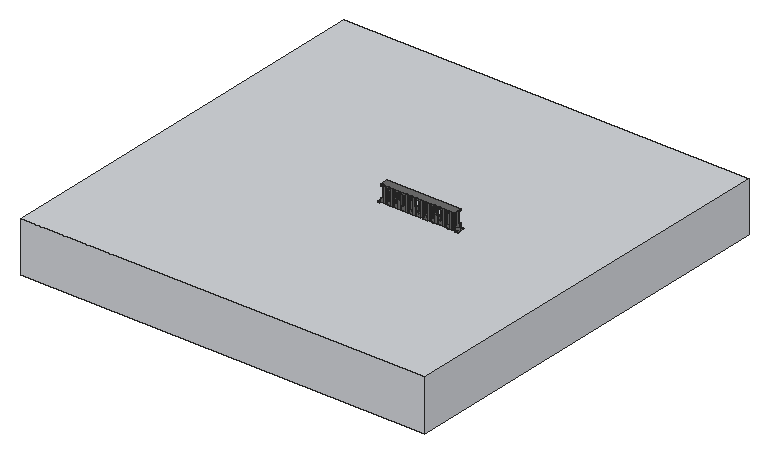
Revit family
Parameters (values of type "RS3-RWM-1")
  Weight = 6.0 lbf
  U/M = "EA"
  U Space = "1"
  System = "Racks, Cable Mgt & RouteIT"
  Serial Number = "RS3-RWM-1"
  Segment = "CSS"
  Ports = "0"
  Model = "RACK"
  Metal = none
  Manufacturer = "SIEMON"
  Loaded/Empty = "N/A"
  Item Group = "RACKS"
  Item Class = "1D"
  Description = "RS3 HORIZ CABLE MGR, 1U SINGLE, WITH COVER"
  Default Elevation = 4' - 0"
  Color = ""
Reference planes (in)
  plane 1 "Center (Front/Back)": y = 0
  plane 2: z = 0
  plane 3 "Center (Left/Right)": x = 0
Forms (in)
  Extrusion 1, solid
    sketch origin (0, 0, 0) x (1, 0, 0) y (0, 1, 0)
      loop
        line (-48, 48) -> (-48, -48) -> (48, -48) -> (48, 48) -> (-48, 48)
    from 0 to -12
Dimensions and locks (in)
  aligned and locked: plane 2 to Extrusion 1
  aligned and locked: level to Extrusion 1
Nested families (in)
  nested 1: "RS3-RWM-1[1][1]" at (9.03513, -2.12305, 0) x (0, 1, 0) z (0, 0, 1), type "RS3-RWM-1[1][1]"
Definition of nested family "RS3-RWM-1[1][1]"
  Parameters (values of type "RS3-RWM-1[1][1]")
    Weight = "0.6 kgs (1.4 lbs)"
    UL Rating = "UL 1863"
    U Space / Capacity = "1U"
    Text1 = Symbol
    Text = Text
    Part Number = "RS3-RWM-1"
    Material = Aluminum w/plastic fingers
    Manufacturer contact info/website = "www.siemon.com"
    Manufacturer = "Siemon"
    Dimensions (H x W x D) = "44.5mm x 0.48m x 102mm\r\n(1.75 in. x 19.0 in. x 4.0 in.)"
    Description = "Horizontal Cable Manager"
    Clearance = "89mm (3.5 in.) Front"
  Reference planes (in)
    plane 1: z = 0
    plane 2 "Center (Left/Right)": x = 1.42852
    plane 3: y = 0
    plane 4: y = 0
    plane 5: y = -1.10961
    plane 6: y = -0.1378
    plane 7: y = -1.10961
  Forms (in)
    Extrusion 1, solid, material "Aluminum w/plastic fingers" <- "Material"
      sketch origin (2.31435, -1.32149, 1.17105) x (0, 0, -1) y (-1, 0, 0)
        loop
          line (-2.97482, 1.87008) -> (-2.97482, 0) -> (-2.8747, 0) -> (-2.8747, 1.87008) -> (-2.97482, 1.87008)
      from -7.66473 to 9.83527
    Blend 2, solid, material "Aluminum w/plastic fingers" <- "Material"
      base sketch origin (-15.8495, 5.68639, 4.28292) x (1, 0, 0) y (0, 1, 0)
        loop
          arc (18.16629, -7.07514) -> (17.88715, -6.796) -> (18.16629, -6.51686) r 0.27914
          line (18.16629, -6.51686) -> (18.16629, -5.32317)
          arc (18.16629, -5.32317) -> (17.88715, -5.04403) -> (18.16629, -4.76489) r 0.27914
          line (18.16629, -4.76489) -> (18.16629, -3.57121)
          arc (18.16629, -3.57121) -> (17.88715, -3.29206) -> (18.16629, -3.01292) r 0.27914
          line (18.16629, -3.01292) -> (18.16629, -1.81924)
          arc (18.16629, -1.81924) -> (17.88715, -1.5401) -> (18.16629, -1.26095) r 0.27914
          line (18.16629, -1.26095) -> (18.16629, -0.06727)
          arc (18.16629, -0.06727) -> (17.88715, 0.21187) -> (18.16629, 0.49102) r 0.27914
          line (18.16629, 0.49102) -> (18.16629, 1.6847)
          arc (18.16629, 1.6847) -> (17.88715, 1.96384) -> (18.16629, 2.24298) r 0.27914
          line (18.16629, 2.24298) -> (18.16629, 2.83983) -> (18.07653, 2.83983) -> (18.07653, 2.32166)
          arc (18.07653, 2.32166) -> (17.79739, 1.96384) -> (18.07653, 1.60602) r 0.36891
          line (18.07653, 1.60602) -> (18.07653, 0.56969)
          arc (18.07653, 0.56969) -> (17.79739, 0.21187) -> (18.07653, -0.14595) r 0.36891
          line (18.07653, -0.14595) -> (18.07653, -1.18228)
          arc (18.07653, -1.18228) -> (17.79739, -1.5401) -> (18.07653, -1.89791) r 0.36891
          line (18.07653, -1.89791) -> (18.07653, -2.93424)
          arc (18.07653, -2.93424) -> (17.79739, -3.29206) -> (18.07653, -3.64988) r 0.36891
          line (18.07653, -3.64988) -> (18.07653, -4.68621)
          arc (18.07653, -4.68621) -> (17.79739, -5.04403) -> (18.07653, -5.40185) r 0.36891
          line (18.07653, -5.40185) -> (18.07653, -6.43818)
          arc (18.07653, -6.43818) -> (17.79739, -6.796) -> (18.07653, -7.15382) r 0.36891
          line (18.07653, -7.15382) -> (18.07653, -8.19015)
          arc (18.07653, -8.19015) -> (17.79739, -8.54797) -> (18.07653, -8.90579) r 0.36891
          line (18.07653, -8.90579) -> (18.07653, -9.94212)
          arc (18.07653, -9.94212) -> (17.79739, -10.29994) -> (18.07653, -10.65776) r 0.36891
          line (18.07653, -10.65776) -> (18.07653, -11.69409)
          arc (18.07653, -11.69409) -> (17.79739, -12.05191) -> (18.07653, -12.40973) r 0.36891
          line (18.07653, -12.40973) -> (18.07653, -13.44606)
          arc (18.07653, -13.44606) -> (17.79739, -13.80387) -> (18.07653, -14.16169) r 0.36891
          line (18.07653, -14.16169) -> (18.07653, -14.67986) -> (18.16629, -14.67986) -> (18.16629, -14.08302)
          arc (18.16629, -14.08302) -> (17.88715, -13.80387) -> (18.16629, -13.52473) r 0.27914
          line (18.16629, -13.52473) -> (18.16629, -12.33105)
          arc (18.16629, -12.33105) -> (17.88715, -12.05191) -> (18.16629, -11.77276) r 0.27914
          line (18.16629, -11.77276) -> (18.16629, -10.57908)
          arc (18.16629, -10.57908) -> (17.88715, -10.29994) -> (18.16629, -10.0208) r 0.27914
          line (18.16629, -10.0208) -> (18.16629, -8.82711)
          arc (18.16629, -8.82711) -> (17.88715, -8.54797) -> (18.16629, -8.26883) r 0.27914
          line (18.16629, -8.26883) -> (18.16629, -7.07514)
      top sketch origin (-15.8495, 5.68639, 4.28292) x (1, 0, 0) y (0, 1, 0)
        loop
          arc (18.16629, -7.00762) -> (17.95468, -6.796) -> (18.16629, -6.58439) r 0.21161
          line (18.16629, -6.58439) -> (18.16629, -5.25565)
          arc (18.16629, -5.25565) -> (17.95468, -5.04403) -> (18.16629, -4.83242) r 0.21161
          line (18.16629, -4.83242) -> (18.16629, -3.50368)
          arc (18.16629, -3.50368) -> (17.95468, -3.29206) -> (18.16629, -3.08045) r 0.21161
          line (18.16629, -3.08045) -> (18.16629, -1.75171)
          arc (18.16629, -1.75171) -> (17.95468, -1.5401) -> (18.16629, -1.32848) r 0.21161
          line (18.16629, -1.32848) -> (18.16629, 0.00026)
          arc (18.16629, 0.00026) -> (17.95468, 0.21187) -> (18.16629, 0.42349) r 0.21161
          line (18.16629, 0.42349) -> (18.16629, 1.75223)
          arc (18.16629, 1.75223) -> (17.95468, 1.96384) -> (18.16629, 2.17546) r 0.21161
          line (18.16629, 2.17546) -> (18.16629, 2.83983) -> (18.07653, 2.83983) -> (18.07653, 2.32166)
          arc (18.07653, 2.32166) -> (17.79739, 1.96384) -> (18.07653, 1.60602) r 0.36891
          line (18.07653, 1.60602) -> (18.07653, 0.56969)
          arc (18.07653, 0.56969) -> (17.79739, 0.21187) -> (18.07653, -0.14595) r 0.36891
          line (18.07653, -0.14595) -> (18.07653, -1.18228)
          arc (18.07653, -1.18228) -> (17.79739, -1.5401) -> (18.07653, -1.89791) r 0.36891
          line (18.07653, -1.89791) -> (18.07653, -2.93424)
          arc (18.07653, -2.93424) -> (17.79739, -3.29206) -> (18.07653, -3.64988) r 0.36891
          line (18.07653, -3.64988) -> (18.07653, -4.68621)
          arc (18.07653, -4.68621) -> (17.79739, -5.04403) -> (18.07653, -5.40185) r 0.36891
          line (18.07653, -5.40185) -> (18.07653, -6.43818)
          arc (18.07653, -6.43818) -> (17.79739, -6.796) -> (18.07653, -7.15382) r 0.36891
          line (18.07653, -7.15382) -> (18.07653, -8.19015)
          arc (18.07653, -8.19015) -> (17.79739, -8.54797) -> (18.07653, -8.90579) r 0.36891
          line (18.07653, -8.90579) -> (18.07653, -9.94212)
          arc (18.07653, -9.94212) -> (17.79739, -10.29994) -> (18.07653, -10.65776) r 0.36891
          line (18.07653, -10.65776) -> (18.07653, -11.69409)
          arc (18.07653, -11.69409) -> (17.79739, -12.05191) -> (18.07653, -12.40973) r 0.36891
          line (18.07653, -12.40973) -> (18.07653, -13.44606)
          arc (18.07653, -13.44606) -> (17.79739, -13.80387) -> (18.07653, -14.16169) r 0.36891
          line (18.07653, -14.16169) -> (18.07653, -14.67986) -> (18.16629, -14.67986) -> (18.16629, -14.01549)
          arc (18.16629, -14.01549) -> (17.95468, -13.80387) -> (18.16629, -13.59226) r 0.21161
          line (18.16629, -13.59226) -> (18.16629, -12.26352)
          arc (18.16629, -12.26352) -> (17.95468, -12.05191) -> (18.16629, -11.84029) r 0.21161
          line (18.16629, -11.84029) -> (18.16629, -10.51155)
          arc (18.16629, -10.51155) -> (17.95468, -10.29994) -> (18.16629, -10.08832) r 0.21161
          line (18.16629, -10.08832) -> (18.16629, -8.75958)
          arc (18.16629, -8.75958) -> (17.95468, -8.54797) -> (18.16629, -8.33636) r 0.21161
          line (18.16629, -8.33636) -> (18.16629, -7.00762)
      from -4.10257 to -0.36437
    Extrusion 3, void
      sketch origin (-4.48649, -1.66187, 2.2768) x (0, 1, 0) y (-1, 0, 0)
        loop
          spline (-1.27702, -6.07873) -> (-1.26102, -5.98045) -> (-1.27311, -5.88145) -> (-1.31208, -5.79171) -> (-1.37401, -5.72026) -> (-1.45265, -5.6743) -> (-1.5401, -5.65845) -> (-1.62754, -5.6743) -> (-1.70618, -5.72026) -> (-1.76811, -5.79171) -> (-1.80708, -5.88145) -> (-1.81917, -5.98045) -> (-1.80317, -6.07873)
          line (-1.80317, -6.07873) -> (-1.27702, -6.07873)
        loop
          spline (0.47443, -6.07873) -> (0.49043, -5.98045) -> (0.47834, -5.88145) -> (0.43937, -5.79171) -> (0.37744, -5.72026) -> (0.2988, -5.6743) -> (0.21136, -5.65845) -> (0.12391, -5.6743) -> (0.04527, -5.72026) -> (-0.01666, -5.79171) -> (-0.05563, -5.88145) -> (-0.06772, -5.98045) -> (-0.05172, -6.07873)
          line (-0.05172, -6.07873) -> (0.47443, -6.07873)
        loop
          spline (2.22588, -6.07873) -> (2.24188, -5.98045) -> (2.22979, -5.88145) -> (2.19082, -5.79171) -> (2.12889, -5.72026) -> (2.05025, -5.6743) -> (1.96281, -5.65845) -> (1.87536, -5.6743) -> (1.79672, -5.72026) -> (1.73479, -5.79171) -> (1.69583, -5.88145) -> (1.68373, -5.98045) -> (1.69973, -6.07873)
          line (1.69973, -6.07873) -> (2.22588, -6.07873)
        loop
          spline (3.97733, -6.07873) -> (3.99333, -5.98045) -> (3.98124, -5.88145) -> (3.94227, -5.79171) -> (3.88034, -5.72026) -> (3.8017, -5.6743) -> (3.71426, -5.65845) -> (3.62681, -5.6743) -> (3.54817, -5.72026) -> (3.48624, -5.79171) -> (3.44728, -5.88145) -> (3.43518, -5.98045) -> (3.45118, -6.07873)
          line (3.45118, -6.07873) -> (3.97733, -6.07873)
        loop
          spline (5.72878, -6.07873) -> (5.74478, -5.98045) -> (5.73269, -5.88145) -> (5.69372, -5.79171) -> (5.6318, -5.72026) -> (5.55315, -5.6743) -> (5.46571, -5.65845) -> (5.37826, -5.6743) -> (5.29962, -5.72026) -> (5.2377, -5.79171) -> (5.19873, -5.88145) -> (5.18663, -5.98045) -> (5.20264, -6.07873)
          line (5.20264, -6.07873) -> (5.72878, -6.07873)
        loop
          spline (7.48023, -6.07873) -> (7.49623, -5.98045) -> (7.48414, -5.88145) -> (7.44517, -5.79171) -> (7.38325, -5.72026) -> (7.3046, -5.6743) -> (7.21716, -5.65845) -> (7.12971, -5.6743) -> (7.05107, -5.72026) -> (6.98915, -5.79171) -> (6.95018, -5.88145) -> (6.93808, -5.98045) -> (6.95409, -6.07873)
          line (6.95409, -6.07873) -> (7.48023, -6.07873)
        loop
          spline (-3.02847, -6.07873) -> (-3.01247, -5.98045) -> (-3.02457, -5.88145) -> (-3.06353, -5.79171) -> (-3.12546, -5.72026) -> (-3.2041, -5.6743) -> (-3.29155, -5.65845) -> (-3.37899, -5.6743) -> (-3.45763, -5.72026) -> (-3.51956, -5.79171) -> (-3.55853, -5.88145) -> (-3.57062, -5.98045) -> (-3.55462, -6.07873)
          line (-3.55462, -6.07873) -> (-3.02847, -6.07873)
        loop
          spline (-4.77992, -6.07873) -> (-4.76392, -5.98045) -> (-4.77602, -5.88145) -> (-4.81498, -5.79171) -> (-4.87691, -5.72026) -> (-4.95555, -5.6743) -> (-5.043, -5.65845) -> (-5.13044, -5.6743) -> (-5.20908, -5.72026) -> (-5.27101, -5.79171) -> (-5.30998, -5.88145) -> (-5.32207, -5.98045) -> (-5.30607, -6.07873)
          line (-5.30607, -6.07873) -> (-4.77992, -6.07873)
        loop
          spline (-6.53138, -6.07873) -> (-6.51537, -5.98045) -> (-6.52747, -5.88145) -> (-6.56644, -5.79171) -> (-6.62836, -5.72026) -> (-6.707, -5.6743) -> (-6.79445, -5.65845) -> (-6.88189, -5.6743) -> (-6.96054, -5.72026) -> (-7.02246, -5.79171) -> (-7.06143, -5.88145) -> (-7.07352, -5.98045) -> (-7.05752, -6.07873)
          line (-7.05752, -6.07873) -> (-6.53138, -6.07873)
        loop
          spline (9.23168, -6.07873) -> (9.24768, -5.98045) -> (9.23559, -5.88145) -> (9.19662, -5.79171) -> (9.1347, -5.72026) -> (9.05605, -5.6743) -> (8.96861, -5.65845) -> (8.88116, -5.6743) -> (8.80252, -5.72026) -> (8.7406, -5.79171) -> (8.70163, -5.88145) -> (8.68953, -5.98045) -> (8.70554, -6.07873)
          line (8.70554, -6.07873) -> (9.23168, -6.07873)
      from -3.48924 to 1.25051
    Extrusion 4, void
      sketch origin (-0.72929, 2.18141, 1.20814) x (0, 1, 0) y (0, 0, 1)
        loop
          line (5.83343, -0.21528) -> (6.84581, -0.21528) -> (6.84581, 2.45618) -> (5.83343, 2.45618) -> (5.83343, -0.21528)
        loop
          line (4.08198, -0.21528) -> (5.09435, -0.21528) -> (5.09435, 2.45618) -> (4.08198, 2.45618) -> (4.08198, -0.21528)
        loop
          line (2.33053, -0.21528) -> (3.3429, -0.21528) -> (3.3429, 2.45618) -> (2.33053, 2.45618) -> (2.33053, -0.21528)
        loop
          line (0.57908, -0.21528) -> (1.59145, -0.21528) -> (1.59145, 2.45618) -> (0.57908, 2.45618) -> (0.57908, -0.21528)
        loop
          line (-1.17237, -0.21528) -> (-0.16, -0.21528) -> (-0.16, 2.45618) -> (-1.17237, 2.45618) -> (-1.17237, -0.21528)
        loop
          line (-2.92382, -0.21528) -> (-1.91145, -0.21528) -> (-1.91145, 2.45618) -> (-2.92382, 2.45618) -> (-2.92382, -0.21528)
        loop
          line (-4.67527, -0.21528) -> (-3.6629, -0.21528) -> (-3.6629, 2.45618) -> (-4.67527, 2.45618) -> (-4.67527, -0.21528)
        loop
          line (-6.42672, -0.21528) -> (-5.41435, -0.21528) -> (-5.41435, 2.45618) -> (-6.42672, 2.45618) -> (-6.42672, -0.21528)
        loop
          line (-8.17817, -0.21528) -> (-7.1658, -0.21528) -> (-7.1658, 2.45618) -> (-8.17817, 2.45618) -> (-8.17817, -0.21528)
        loop
          line (-9.92962, -0.21528) -> (-8.91725, -0.21528) -> (-8.91725, 2.45618) -> (-9.92962, 2.45618) -> (-9.92962, -0.21528)
        loop
          line (-11.68107, -0.21528) -> (-10.6687, -0.21528) -> (-10.6687, 2.45618) -> (-11.68107, 2.45618) -> (-11.68107, -0.21528)
      from 2.95632 to 3.3255
    Extrusion 5, solid, material "Aluminum w/plastic fingers" <- "Material"
      sketch origin (2.3622, -1.22306, 0) x (0, 1, 0) y (-1, 0, 0)
        loop
          line (-8.42261, 0) -> (-7.73205, 0) -> (-7.73205, 0.35027) -> (-6.16305, 0.35027) -> (-6.16305, 0.20578) -> (-5.9599, 0.20578) -> (-5.9599, 0.46276) -> (-6.07801, 0.46276) -> (-6.07801, 0.79446) -> (-5.76305, 0.79446) -> (-5.76305, 0.46276) -> (-5.88116, 0.46276) -> (-5.88116, 0.20578) -> (-5.67802, 0.20578) -> (-5.67802, 0.35027) -> (-2.66015, 0.35027) -> (-2.66015, 0.20578) -> (-2.457, 0.20578) -> (-2.457, 0.46276) -> (-2.57511, 0.46276) -> (-2.57511, 0.79446) -> (-2.26015, 0.79446) -> (-2.26015, 0.46276) -> (-2.37826, 0.46276) -> (-2.37826, 0.20578) -> (-2.17512, 0.20578) -> (-2.17512, 0.35027) -> (4.34565, 0.35027) -> (4.34565, 0.20578) -> (4.5488, 0.20578) -> (4.5488, 0.46276) -> (4.43069, 0.46276) -> (4.43069, 0.79446) -> (4.74565, 0.79446) -> (4.74565, 0.46276) -> (4.62754, 0.46276) -> (4.62754, 0.20578) -> (4.83068, 0.20578) -> (4.83068, 0.35027) -> (7.84855, 0.35027) -> (7.84855, 0.20578) -> (8.0517, 0.20578) -> (8.0517, 0.46276) -> (7.93359, 0.46276) -> (7.93359, 0.79446) -> (8.24855, 0.79446) -> (8.24855, 0.46276) -> (8.13044, 0.46276) -> (8.13044, 0.20578) -> (8.33358, 0.20578) -> (8.33358, 0.35027) -> (9.90259, 0.35027) -> (9.90259, -0.02172) -> (10.59314, -0.02172) -> (10.59314, 1.89489) -> (9.90259, 1.89489) -> (9.90259, 1.5229) -> (8.33358, 1.5229) -> (8.33358, 1.66739) -> (8.13044, 1.66739) -> (8.13044, 1.41041) -> (8.24855, 1.41041) -> (8.24855, 1.07871) -> (7.93359, 1.07871) -> (7.93359, 1.41041) -> (8.0517, 1.41041) -> (8.0517, 1.66739) -> (7.84855, 1.66739) -> (7.84855, 1.5229) -> (4.83068, 1.5229) -> (4.83068, 1.66739) -> (4.62754, 1.66739) -> (4.62754, 1.41041) -> (4.74565, 1.41041) -> (4.74565, 1.07871) -> (4.43069, 1.07871) -> (4.43069, 1.41041) -> (4.5488, 1.41041) -> (4.5488, 1.66739) -> (4.34565, 1.66739) -> (4.34565, 1.5229) -> (-2.17512, 1.5229) -> (-2.17512, 1.66739) -> (-2.37826, 1.66739) -> (-2.37826, 1.41041) -> (-2.26015, 1.41041) -> (-2.26015, 1.07871) -> (-2.57511, 1.07871) -> (-2.57511, 1.41041) -> (-2.457, 1.41041) -> (-2.457, 1.66739) -> (-2.66015, 1.66739) -> (-2.66015, 1.5229) -> (-5.67802, 1.5229) -> (-5.67802, 1.66739) -> (-5.88116, 1.66739) -> (-5.88116, 1.41041) -> (-5.76305, 1.41041) -> (-5.76305, 1.07871) -> (-6.07801, 1.07871) -> (-6.07801, 1.41041) -> (-5.9599, 1.41041) -> (-5.9599, 1.66739) -> (-6.16305, 1.66739) -> (-6.16305, 1.5229) -> (-7.73205, 1.5229) -> (-7.73205, 1.87317) -> (-8.42261, 1.87317) -> (-8.42261, 0)
        loop
          line (-8.15753, 0.09507) -> (-8.03139, 0.09507)
          arc (-8.03139, 0.09507) -> (-7.89128, 0.23518) -> (-8.03139, 0.37529) r 0.14011
          line (-8.03139, 0.37529) -> (-8.15753, 0.37529)
          arc (-8.15753, 0.37529) -> (-8.29764, 0.23518) -> (-8.15753, 0.09507) r 0.14011
        loop
          arc (10.32807, 0.09507) -> (10.46817, 0.23518) -> (10.32807, 0.37529) r 0.14011
          line (10.32807, 0.37529) -> (10.20192, 0.37529)
          arc (10.20192, 0.37529) -> (10.06181, 0.23518) -> (10.20192, 0.09507) r 0.14011
          line (10.20192, 0.09507) -> (10.32807, 0.09507)
        loop
          arc (-8.15753, 1.7781) -> (-8.29764, 1.63799) -> (-8.15753, 1.49788) r 0.14011
          line (-8.15753, 1.49788) -> (-8.03139, 1.49788)
          arc (-8.03139, 1.49788) -> (-7.89128, 1.63799) -> (-8.03139, 1.7781) r 0.14011
          line (-8.03139, 1.7781) -> (-8.15753, 1.7781)
        loop
          line (10.32807, 1.7781) -> (10.20192, 1.7781)
          arc (10.20192, 1.7781) -> (10.06181, 1.63799) -> (10.20192, 1.49788) r 0.14011
          line (10.20192, 1.49788) -> (10.32807, 1.49788)
          arc (10.32807, 1.49788) -> (10.46817, 1.63799) -> (10.32807, 1.7781) r 0.14011
      from 0 to 0.1
    Blend 6, solid, material "Aluminum w/plastic fingers" <- "Material"
      base sketch origin (18.65259, 5.68639, 4.28292) x (1, 0, 0) y (0, 1, 0)
        loop
          line (-18.16629, -7.07514) -> (-18.16629, -8.26883)
          arc (-18.16629, -8.26883) -> (-17.88715, -8.54797) -> (-18.16629, -8.82711) r 0.27914
          line (-18.16629, -8.82711) -> (-18.16629, -10.0208)
          arc (-18.16629, -10.0208) -> (-17.88715, -10.29994) -> (-18.16629, -10.57908) r 0.27914
          line (-18.16629, -10.57908) -> (-18.16629, -11.77276)
          arc (-18.16629, -11.77276) -> (-17.88715, -12.05191) -> (-18.16629, -12.33105) r 0.27914
          line (-18.16629, -12.33105) -> (-18.16629, -13.52473)
          arc (-18.16629, -13.52473) -> (-17.88715, -13.80387) -> (-18.16629, -14.08302) r 0.27914
          line (-18.16629, -14.08302) -> (-18.16629, -14.67986) -> (-18.07653, -14.67986) -> (-18.07653, -14.16169)
          arc (-18.07653, -14.16169) -> (-17.79739, -13.80387) -> (-18.07653, -13.44606) r 0.36891
          line (-18.07653, -13.44606) -> (-18.07653, -12.40973)
          arc (-18.07653, -12.40973) -> (-17.79739, -12.05191) -> (-18.07653, -11.69409) r 0.36891
          line (-18.07653, -11.69409) -> (-18.07653, -10.65776)
          arc (-18.07653, -10.65776) -> (-17.79739, -10.29994) -> (-18.07653, -9.94212) r 0.36891
          line (-18.07653, -9.94212) -> (-18.07653, -8.90579)
          arc (-18.07653, -8.90579) -> (-17.79739, -8.54797) -> (-18.07653, -8.19015) r 0.36891
          line (-18.07653, -8.19015) -> (-18.07653, -7.15382)
          arc (-18.07653, -7.15382) -> (-17.79739, -6.796) -> (-18.07653, -6.43818) r 0.36891
          line (-18.07653, -6.43818) -> (-18.07653, -5.40185)
          arc (-18.07653, -5.40185) -> (-17.79739, -5.04403) -> (-18.07653, -4.68621) r 0.36891
          line (-18.07653, -4.68621) -> (-18.07653, -3.64988)
          arc (-18.07653, -3.64988) -> (-17.79739, -3.29206) -> (-18.07653, -2.93424) r 0.36891
          line (-18.07653, -2.93424) -> (-18.07653, -1.89791)
          arc (-18.07653, -1.89791) -> (-17.79739, -1.5401) -> (-18.07653, -1.18228) r 0.36891
          line (-18.07653, -1.18228) -> (-18.07653, -0.14595)
          arc (-18.07653, -0.14595) -> (-17.79739, 0.21187) -> (-18.07653, 0.56969) r 0.36891
          line (-18.07653, 0.56969) -> (-18.07653, 1.60602)
          arc (-18.07653, 1.60602) -> (-17.79739, 1.96384) -> (-18.07653, 2.32166) r 0.36891
          line (-18.07653, 2.32166) -> (-18.07653, 2.83983) -> (-18.16629, 2.83983) -> (-18.16629, 2.24298)
          arc (-18.16629, 2.24298) -> (-17.88715, 1.96384) -> (-18.16629, 1.6847) r 0.27914
          line (-18.16629, 1.6847) -> (-18.16629, 0.49102)
          arc (-18.16629, 0.49102) -> (-17.88715, 0.21187) -> (-18.16629, -0.06727) r 0.27914
          line (-18.16629, -0.06727) -> (-18.16629, -1.26095)
          arc (-18.16629, -1.26095) -> (-17.88715, -1.5401) -> (-18.16629, -1.81924) r 0.27914
          line (-18.16629, -1.81924) -> (-18.16629, -3.01292)
          arc (-18.16629, -3.01292) -> (-17.88715, -3.29206) -> (-18.16629, -3.57121) r 0.27914
          line (-18.16629, -3.57121) -> (-18.16629, -4.76489)
          arc (-18.16629, -4.76489) -> (-17.88715, -5.04403) -> (-18.16629, -5.32317) r 0.27914
          line (-18.16629, -5.32317) -> (-18.16629, -6.51686)
          arc (-18.16629, -6.51686) -> (-17.88715, -6.796) -> (-18.16629, -7.07514) r 0.27914
      top sketch origin (18.65259, 5.68639, 4.28292) x (1, 0, 0) y (0, 1, 0)
        loop
          line (-18.16629, -7.00762) -> (-18.16629, -8.33636)
          arc (-18.16629, -8.33636) -> (-17.95468, -8.54797) -> (-18.16629, -8.75958) r 0.21161
          line (-18.16629, -8.75958) -> (-18.16629, -10.08832)
          arc (-18.16629, -10.08832) -> (-17.95468, -10.29994) -> (-18.16629, -10.51155) r 0.21161
          line (-18.16629, -10.51155) -> (-18.16629, -11.84029)
          arc (-18.16629, -11.84029) -> (-17.95468, -12.05191) -> (-18.16629, -12.26352) r 0.21161
          line (-18.16629, -12.26352) -> (-18.16629, -13.59226)
          arc (-18.16629, -13.59226) -> (-17.95468, -13.80387) -> (-18.16629, -14.01549) r 0.21161
          line (-18.16629, -14.01549) -> (-18.16629, -14.67986) -> (-18.07653, -14.67986) -> (-18.07653, -14.16169)
          arc (-18.07653, -14.16169) -> (-17.79739, -13.80387) -> (-18.07653, -13.44606) r 0.36891
          line (-18.07653, -13.44606) -> (-18.07653, -12.40973)
          arc (-18.07653, -12.40973) -> (-17.79739, -12.05191) -> (-18.07653, -11.69409) r 0.36891
          line (-18.07653, -11.69409) -> (-18.07653, -10.65776)
          arc (-18.07653, -10.65776) -> (-17.79739, -10.29994) -> (-18.07653, -9.94212) r 0.36891
          line (-18.07653, -9.94212) -> (-18.07653, -8.90579)
          arc (-18.07653, -8.90579) -> (-17.79739, -8.54797) -> (-18.07653, -8.19015) r 0.36891
          line (-18.07653, -8.19015) -> (-18.07653, -7.15382)
          arc (-18.07653, -7.15382) -> (-17.79739, -6.796) -> (-18.07653, -6.43818) r 0.36891
          line (-18.07653, -6.43818) -> (-18.07653, -5.40185)
          arc (-18.07653, -5.40185) -> (-17.79739, -5.04403) -> (-18.07653, -4.68621) r 0.36891
          line (-18.07653, -4.68621) -> (-18.07653, -3.64988)
          arc (-18.07653, -3.64988) -> (-17.79739, -3.29206) -> (-18.07653, -2.93424) r 0.36891
          line (-18.07653, -2.93424) -> (-18.07653, -1.89791)
          arc (-18.07653, -1.89791) -> (-17.79739, -1.5401) -> (-18.07653, -1.18228) r 0.36891
          line (-18.07653, -1.18228) -> (-18.07653, -0.14595)
          arc (-18.07653, -0.14595) -> (-17.79739, 0.21187) -> (-18.07653, 0.56969) r 0.36891
          line (-18.07653, 0.56969) -> (-18.07653, 1.60602)
          arc (-18.07653, 1.60602) -> (-17.79739, 1.96384) -> (-18.07653, 2.32166) r 0.36891
          line (-18.07653, 2.32166) -> (-18.07653, 2.83983) -> (-18.16629, 2.83983) -> (-18.16629, 2.17546)
          arc (-18.16629, 2.17546) -> (-17.95468, 1.96384) -> (-18.16629, 1.75223) r 0.21161
          line (-18.16629, 1.75223) -> (-18.16629, 0.42349)
          arc (-18.16629, 0.42349) -> (-17.95468, 0.21187) -> (-18.16629, 0.00026) r 0.21161
          line (-18.16629, 0.00026) -> (-18.16629, -1.32848)
          arc (-18.16629, -1.32848) -> (-17.95468, -1.5401) -> (-18.16629, -1.75171) r 0.21161
          line (-18.16629, -1.75171) -> (-18.16629, -3.08045)
          arc (-18.16629, -3.08045) -> (-17.95468, -3.29206) -> (-18.16629, -3.50368) r 0.21161
          line (-18.16629, -3.50368) -> (-18.16629, -4.83242)
          arc (-18.16629, -4.83242) -> (-17.95468, -5.04403) -> (-18.16629, -5.25565) r 0.21161
          line (-18.16629, -5.25565) -> (-18.16629, -6.58439)
          arc (-18.16629, -6.58439) -> (-17.95468, -6.796) -> (-18.16629, -7.00762) r 0.21161
      from -4.10257 to -0.36437
    Extrusion 7, void
      sketch origin (6.43747, -1.32149, 3.26966) x (0, 1, 0) y (-1, 0, 0)
        loop
          line (-1.27702, 6.07873) -> (-1.80317, 6.07873)
          spline (-1.80317, 6.07873) -> (-1.81917, 5.98045) -> (-1.80708, 5.88145) -> (-1.76811, 5.79171) -> (-1.70618, 5.72026) -> (-1.62754, 5.6743) -> (-1.5401, 5.65845) -> (-1.45265, 5.6743) -> (-1.37401, 5.72026) -> (-1.31208, 5.79171) -> (-1.27311, 5.88145) -> (-1.26102, 5.98045) -> (-1.27702, 6.07873)
        loop
          line (0.47443, 6.07873) -> (-0.05172, 6.07873)
          spline (-0.05172, 6.07873) -> (-0.06772, 5.98045) -> (-0.05563, 5.88145) -> (-0.01666, 5.79171) -> (0.04527, 5.72026) -> (0.12391, 5.6743) -> (0.21136, 5.65845) -> (0.2988, 5.6743) -> (0.37744, 5.72026) -> (0.43937, 5.79171) -> (0.47834, 5.88145) -> (0.49043, 5.98045) -> (0.47443, 6.07873)
        loop
          line (2.22588, 6.07873) -> (1.69973, 6.07873)
          spline (1.69973, 6.07873) -> (1.68373, 5.98045) -> (1.69583, 5.88145) -> (1.73479, 5.79171) -> (1.79672, 5.72026) -> (1.87536, 5.6743) -> (1.96281, 5.65845) -> (2.05025, 5.6743) -> (2.12889, 5.72026) -> (2.19082, 5.79171) -> (2.22979, 5.88145) -> (2.24188, 5.98045) -> (2.22588, 6.07873)
        loop
          line (3.97733, 6.07873) -> (3.45118, 6.07873)
          spline (3.45118, 6.07873) -> (3.43518, 5.98045) -> (3.44728, 5.88145) -> (3.48624, 5.79171) -> (3.54817, 5.72026) -> (3.62681, 5.6743) -> (3.71426, 5.65845) -> (3.8017, 5.6743) -> (3.88034, 5.72026) -> (3.94227, 5.79171) -> (3.98124, 5.88145) -> (3.99333, 5.98045) -> (3.97733, 6.07873)
        loop
          line (5.72878, 6.07873) -> (5.20264, 6.07873)
          spline (5.20264, 6.07873) -> (5.18663, 5.98045) -> (5.19873, 5.88145) -> (5.2377, 5.79171) -> (5.29962, 5.72026) -> (5.37826, 5.6743) -> (5.46571, 5.65845) -> (5.55315, 5.6743) -> (5.6318, 5.72026) -> (5.69372, 5.79171) -> (5.73269, 5.88145) -> (5.74478, 5.98045) -> (5.72878, 6.07873)
        loop
          line (7.48023, 6.07873) -> (6.95409, 6.07873)
          spline (6.95409, 6.07873) -> (6.93808, 5.98045) -> (6.95018, 5.88145) -> (6.98915, 5.79171) -> (7.05107, 5.72026) -> (7.12971, 5.6743) -> (7.21716, 5.65845) -> (7.3046, 5.6743) -> (7.38325, 5.72026) -> (7.44517, 5.79171) -> (7.48414, 5.88145) -> (7.49623, 5.98045) -> (7.48023, 6.07873)
        loop
          line (-3.02847, 6.07873) -> (-3.55462, 6.07873)
          spline (-3.55462, 6.07873) -> (-3.57062, 5.98045) -> (-3.55853, 5.88145) -> (-3.51956, 5.79171) -> (-3.45763, 5.72026) -> (-3.37899, 5.6743) -> (-3.29155, 5.65845) -> (-3.2041, 5.6743) -> (-3.12546, 5.72026) -> (-3.06353, 5.79171) -> (-3.02457, 5.88145) -> (-3.01247, 5.98045) -> (-3.02847, 6.07873)
        loop
          line (-4.77992, 6.07873) -> (-5.30607, 6.07873)
          spline (-5.30607, 6.07873) -> (-5.32207, 5.98045) -> (-5.30998, 5.88145) -> (-5.27101, 5.79171) -> (-5.20908, 5.72026) -> (-5.13044, 5.6743) -> (-5.043, 5.65845) -> (-4.95555, 5.6743) -> (-4.87691, 5.72026) -> (-4.81498, 5.79171) -> (-4.77602, 5.88145) -> (-4.76392, 5.98045) -> (-4.77992, 6.07873)
        loop
          line (-6.53138, 6.07873) -> (-7.05752, 6.07873)
          spline (-7.05752, 6.07873) -> (-7.07352, 5.98045) -> (-7.06143, 5.88145) -> (-7.02246, 5.79171) -> (-6.96054, 5.72026) -> (-6.88189, 5.6743) -> (-6.79445, 5.65845) -> (-6.707, 5.6743) -> (-6.62836, 5.72026) -> (-6.56644, 5.79171) -> (-6.52747, 5.88145) -> (-6.51537, 5.98045) -> (-6.53138, 6.07873)
        loop
          line (9.23168, 6.07873) -> (8.70554, 6.07873)
          spline (8.70554, 6.07873) -> (8.68953, 5.98045) -> (8.70163, 5.88145) -> (8.7406, 5.79171) -> (8.80252, 5.72026) -> (8.88116, 5.6743) -> (8.96861, 5.65845) -> (9.05605, 5.6743) -> (9.1347, 5.72026) -> (9.19662, 5.79171) -> (9.23559, 5.88145) -> (9.24768, 5.98045) -> (9.23168, 6.07873)
      from -3.53573 to 1.16816
    Extrusion 8, void
      sketch origin (3.47522, 2.18141, 1.17105) x (0, 1, 0) y (0, 0, -1)
        loop
          line (5.83343, 0.21528) -> (5.83343, -2.49873) -> (6.84581, -2.49873) -> (6.84581, 0.21528) -> (5.83343, 0.21528)
        loop
          line (4.08198, 0.21528) -> (4.08198, -2.49873) -> (5.09435, -2.49873) -> (5.09435, 0.21528) -> (4.08198, 0.21528)
        loop
          line (2.33053, 0.21528) -> (2.33053, -2.49873) -> (3.3429, -2.49873) -> (3.3429, 0.21528) -> (2.33053, 0.21528)
        loop
          line (0.57908, 0.21528) -> (0.57908, -2.49873) -> (1.59145, -2.49873) -> (1.59145, 0.21528) -> (0.57908, 0.21528)
        loop
          line (-1.17237, 0.21528) -> (-1.17237, -2.49873) -> (-0.16, -2.49873) -> (-0.16, 0.21528) -> (-1.17237, 0.21528)
        loop
          line (-2.92382, 0.21528) -> (-2.92382, -2.49873) -> (-1.91145, -2.49873) -> (-1.91145, 0.21528) -> (-2.92382, 0.21528)
        loop
          line (-4.67527, 0.21528) -> (-4.67527, -2.49873) -> (-3.6629, -2.49873) -> (-3.6629, 0.21528) -> (-4.67527, 0.21528)
        loop
          line (-6.42672, 0.21528) -> (-6.42672, -2.49873) -> (-5.41435, -2.49873) -> (-5.41435, 0.21528) -> (-6.42672, 0.21528)
        loop
          line (-8.17817, 0.21528) -> (-8.17817, -2.49873) -> (-7.1658, -2.49873) -> (-7.1658, 0.21528) -> (-8.17817, 0.21528)
        loop
          line (-9.92962, 0.21528) -> (-9.92962, -2.49873) -> (-8.91725, -2.49873) -> (-8.91725, 0.21528) -> (-9.92962, 0.21528)
        loop
          line (-11.68107, 0.21528) -> (-11.68107, -2.49873) -> (-10.6687, -2.49873) -> (-10.6687, 0.21528) -> (-11.68107, 0.21528)
      from 2.87321 to 3.07006
  Cuts and joins
    Extrusion 4, Extrusion 7, Extrusion 8 cuts Blend 2
    Extrusion 7 cuts Extrusion 5
    Extrusion 4, Extrusion 8 cuts Blend 6
  Lines and regions (in)
    reference lines
      curve 1: line (10.30164, 0, 2.49398) -> (10.30164, 0, -0.85248)
      curve 2: line (-8.00545, 0, 2.49398) -> (-8.00545, 0, -0.85248)
      curve 3: line (0.71719, 9.58385, 0) -> (0.71719, -10.88859, 0)
      curve 4: line (2.12305, 9.48568, 0) -> (2.12305, -10.00251, 0)
      curve 5: line (0.29198, 9.03513, 0) -> (2.65418, 9.03513, 0)
      curve 6: line (0.31923, -9.3219, 0) -> (2.48459, -9.3219, 0)
  Dimensions and locks (in)
    curve 1 to plane 2 "Center (Left/Right)" to curve 2 = 0' - 8.87311", 0' - 9.43397"
